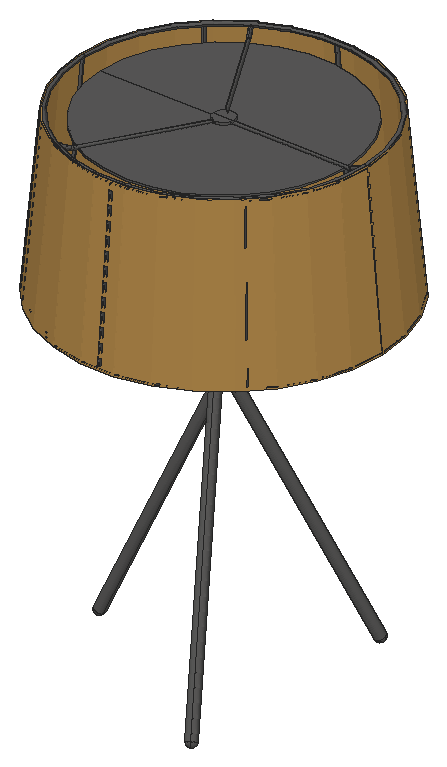
Revit family "Indoor_Table Lamp_Santa&Cole_Trípode", category Luminarias, Revit 2018
Family settings
  Cota de conector redondo = Diámetro de uso
  Tipo de pieza = Normal
  Número OmniClass = 23.80.70.00
  Título OmniClass = Lighting
  Se basa en plano de trabajo = No
  Siempre vertical = Sí
  Corte con vacíos al cargar = No
  Origen de luz = Sí
  Compartido = No
  Punto de cálculo de habitación = No
Parameters (values of type "Trípode M3 - Mustard Raw Color Ribbon")
  Visibility_Trípode M3 = yes
  Visibility_Trípode G6 = no
  Wattage = 6 W
  Technical Information = "https://www.santacole.com/recursos/productos/downloads/pdf_espec_tecnicas/SC_Tripode%20M3-G6_data%20sheet.pdf"
  Tamaño de símbolo de origen de luz = 50 mm  # constant formula
  built-in parameter 1150110 = 1 (stored number, unit not read)
  URL = "https://www.santacole.com/en/catalogue/table-lamps/tripode-g6"
  Manufacturer website = "http://www.santacole.com"
  Light source elevation = 445 mm
  Lampshade Material = Santa & Cole - Mustard Raw Color Ribbon
  built-in parameter 1114217 = 2 (stored number, unit not read)
  built-in parameter 1150109 = 1 (stored number, unit not read)
  Energy Label = "https://www.santacole.com/recursos/productos/downloads/pdf_energy_label/Energy%20Label_TRIPODE_without_bulb.pdf"
  Designed by = "Santa & Cole Team. 2002"
  Contact phone = "+34.938.619.100"
  Contact e-mail = "info@santacole.com"
  built-in parameter 1150134 = (empty or 0)
  built-in parameter 1150113 = 1 (stored number, unit not read)
  Modelo = "Trípode"
  Fabricante = "Santa & Cole"
  Lumens = 891.252 lm
  built-in parameter 1150115 = 1 (stored number, unit not read)
  built-in parameter 1150105 = 70.924 (stored number, unit not read)
  Load = 6 W
  built-in parameter 1150137 = (empty or 0)
  built-in parameter 1150139 = (empty or 0)
  built-in parameter 1150112 = 1 (stored number, unit not read)
  built-in parameter 1150114 = 1 (stored number, unit not read)
  Lamp = ""
  built-in parameter 1150132 = (empty or 0)
  built-in parameter 1150102 = (empty or 0)
  built-in parameter 1150138 = (empty or 0)
  built-in parameter 1150107 = 2700 (stored number, unit not read)
  built-in parameter 1150106 = 0.70924 (stored number, unit not read)
  built-in parameter 1150104 = 13.8 (stored number, unit not read)
  Code = "TM311+TM3Mx"
  Dimming Lamp Color Temperature Shift = (empty or 0)
  Color Filter = 16777215
  built-in parameter 1114218 = 1 (stored number, unit not read)
  Assembly instructions - UL = "https://www.santacole.com/recursos/productos/downloads/pdf_montaje/Tripode_m3_im_UL.pdf"
  Assembly instructions - CE = "https://www.santacole.com/recursos/productos/downloads/pdf_montaje/Tripode_m3_im.pdf"
  built-in parameter 1150133 = 10 (stored number, unit not read)
  Apparent Load = 6 VA
Types (12, lengths in mm): name | Visibility_Trípode M3 | Visibility_Trípode G6 | Wattage | Light source elevation | Lampshade Material | Lumens | built-in parameter 1150105 | Load | built-in parameter 1150106 | Code | Apparent Load
  Trípode G6 - Natural Ribbon | no | yes | 10 W | 665 | Santa & Cole - Natural Ribbon | 1485.42 lm | 118.21 (stored number, unit not read) | 10 W | 1.1821 (stored number, unit not read) | "TG611+TG6Mx" | 10 VA
  Trípode G6 - Red-amber Ribbon | no | yes | 10 W | 665 | Santa & Cole - Red-amber Ribbon | 1485.42 lm | 118.21 (stored number, unit not read) | 10 W | 1.1821 (stored number, unit not read) | "TG611+TG6Mx" | 10 VA
  Trípode G6 - Black Ribbon | no | yes | 10 W | 665 | Santa & Cole - Black Ribbon | 1485.4 lm | 118.2 (stored number, unit not read) | 10 W | 1.182 (stored number, unit not read) | "TG611+TG6Mx" | 10 VA
  Trípode G6 - Terracota Raw Color Ribbon | no | yes | 10 W | 665 | Santa & Cole - Terracota Raw Color Ribbon | 1485.42 lm | 118.21 (stored number, unit not read) | 10 W | 1.1821 (stored number, unit not read) | "TG611+TG6Mx" | 10 VA
  Trípode G6 - Mustard Raw Color Ribbon | no | yes | 10 W | 665 | Santa & Cole - Mustard Raw Color Ribbon | 1485.42 lm | 118.21 (stored number, unit not read) | 10 W | 1.1821 (stored number, unit not read) | "TG611+TG6Mx" | 10 VA
  Trípode G6 - Green Raw Color Ribbon | no | yes | 10 W | 665 | Santa & Cole - Green Raw Color Ribbon | 1485.42 lm | 118.21 (stored number, unit not read) | 10 W | 1.1821 (stored number, unit not read) | "TG611+TG6Mx" | 10 VA
  Trípode M3 - Black Ribbon | yes | no | 6 W | 445 | Santa & Cole - Black Ribbon | 891.252 lm | 70.924 (stored number, unit not read) | 6 W | 0.70924 (stored number, unit not read) | "TM311+TM3Mx" | 6 VA
  Trípode M3 - Natural Ribbon | yes | no | 6 W | 445 | Santa & Cole - Natural Ribbon | 891.252 lm | 70.924 (stored number, unit not read) | 6 W | 0.70924 (stored number, unit not read) | "TM311+TM3Mx" | 6 VA
  Trípode M3 - Red-amber Ribbon | yes | no | 6 W | 445 | Santa & Cole - Red-amber Ribbon | 891.252 lm | 70.924 (stored number, unit not read) | 6 W | 0.70924 (stored number, unit not read) | "TM311+TM3Mx" | 6 VA
  Trípode M3 - Terracota Raw Color Ribbon | yes | no | 6 W | 445 | Santa & Cole - Terracota Raw Color Ribbon | 891.252 lm | 70.924 (stored number, unit not read) | 6 W | 0.70924 (stored number, unit not read) | "TM311+TM3Mx" | 6 VA
  Trípode M3 - Mustard Raw Color Ribbon | yes | no | 6 W | 445 | Santa & Cole - Mustard Raw Color Ribbon | 891.252 lm | 70.924 (stored number, unit not read) | 6 W | 0.70924 (stored number, unit not read) | "TM311+TM3Mx" | 6 VA
  Trípode M3 - Green Raw Color Ribbon | yes | no | 6 W | 445 | Santa & Cole - Green Raw Color Ribbon | 891.252 lm | 70.924 (stored number, unit not read) | 6 W | 0.70924 (stored number, unit not read) | "TM311+TM3Mx" | 6 VA
Reference planes
  plane 1 "Light Source Axis (F/B)": y = 0
  plane 2 "Base": z = 0
  plane 3 "Light Source Axis (L/R)": x = 0
  plane 4 "Light Source Elevation": z = 445
  plane 5 "Patas": y = 5.678
Forms (mm)
  Revolve 1, solid, material "Santa & Cole - Black Metallic Finish", visible <- "Visibility_Trípode M3"
    sketch origin (0, 5.678, 0) x (1, 0, 0) y (0, 0, 1)
      loop
        line (33.039, 344.035) -> (-130.729, 6.684)
        arc (-130.729, 6.684) -> (-130.955, 2.864) -> (-128.415, 0.003) r 5
        line (-128.415, 0.003) -> (37.536, 341.851) -> (33.039, 344.035)
      axis (-128.415, 0.003) -> (37.536, 341.851)
    angle from 0 to 360
  Revolve 2, solid, visible <- "Visibility_Trípode M3"
    sketch origin (0, 0, 0) x (1, 0, 0) y (0, 0, 1)
      loop
        line (-8.669, 359.43) -> (-44.5, 359.43)
        arc (-44.5, 359.43) -> (-45.207, 359.137) -> (-45.5, 358.43) r 1
        line (-45.5, 358.43) -> (-45.5, 341.43) -> (-48, 341.43) -> (-48, 339.43) -> (0, 339.43) -> (0, 412.43) -> (-13.4, 412.43) -> (-13.4, 387.93) -> (-18, 387.93) -> (-18, 386.63) -> (-20, 386.63) -> (-20, 385.63) -> (-13.3, 385.63) -> (-13.3, 372.43) -> (-10.9, 371.43)
        arc (-10.9, 371.43) -> (-10.361, 365.323) -> (-8.669, 359.43) r 32.041
      axis (0, 339.43) -> (0, 412.43)
    angle from 0 to 360
  Sweep 3, solid, material "Santa & Cole - Black Metallic Finish", visible <- "Visibility_Trípode M3"
    path origin (0, 0, 0) x (1, 0, 0) y (0, 0, 1)
      loop
        line (151.411, 329.665) -> (35.617, 385.787)
        arc (35.617, 385.787) -> (33.779, 386.434) -> (31.844, 386.653) r 8.65
        line (31.844, 386.653) -> (16.844, 386.653)
    profile origin (93.514, 0, 357.726) x (-0.436142, 0, -0.899878) y (0, -1, 0)
      loop
        circle (-1.35, 0) r 1.35
  Revolve 4, solid, material "Santa & Cole - Black Metallic Finish", visible <- "Visibility_Trípode M3"
    sketch origin (0, 0, 0) x (1, 0, 0) y (0, 0, 1)
      loop
        line (-10, 482.93) -> (-10, 480.93) -> (-120, 480.93) -> (-120, 479.43) -> (-9, 479.43) -> (-9, 477.93) -> (-3.8, 477.93) -> (-3.8, 476.73) -> (-1.65, 476.73) -> (-1.65, 470.73) -> (0, 470.73) -> (0, 482.93) -> (-10, 482.93)
      axis (0, 470.73) -> (0, 482.93)
    angle from 0 to 360
  Sweep 5, solid, material "Santa & Cole - Black Metallic Finish", visible <- "Visibility_Trípode M3"
    path origin (0, 0, 0) x (1, 0, 0) y (0, 0, 1)
      loop
        line (5, 479.43) -> (123.959, 479.43)
        arc (123.959, 479.43) -> (125.253, 479.564) -> (126.494, 479.958) r 6.35
        line (126.494, 479.958) -> (137.691, 484.834)
    profile origin (64.479, 0, 479.43) x (0, 0, 1) y (0, -1, 0)
      loop
        circle (1.35, 0) r 1.35
  Revolve 6, solid, material "Santa & Cole - Black Metallic Finish", visible <- "Visibility_Trípode M3"
    sketch origin (0, 0, 0) x (1, 0, 0) y (0, 0, 1)
      loop
        line (137.007, 485.488) -> (151.721, 331.474) -> (153.215, 331.617) -> (138.5, 485.63) -> (137.007, 485.488)
      axis (138.5, 485.63) -> (153.215, 331.617)
    angle from 0 to 360
  Sweep 7, solid, material "Santa & Cole - Black Metallic Finish", visible <- "Visibility_Trípode M3"
    path origin (0, 0, 0) x (-0.5, 0.866025, 0) y (0, 0, 1)
      loop
        line (151.411, 329.665) -> (35.617, 385.787)
        arc (35.617, 385.787) -> (33.779, 386.434) -> (31.844, 386.653) r 8.65
        line (31.844, 386.653) -> (16.844, 386.653)
    profile origin (-46.757, 80.985, 357.726) x (0.218071, -0.37771, -0.899878) y (0.866025, 0.5, 0)
      loop
        circle (-1.35, 0) r 1.35
  Sweep 8, solid, material "Santa & Cole - Black Metallic Finish", visible <- "Visibility_Trípode M3"
    path origin (0, 0, 0) x (-0.5, -0.866025, 0) y (0, 0, 1)
      loop
        line (151.411, 329.665) -> (35.617, 385.787)
        arc (35.617, 385.787) -> (33.779, 386.434) -> (31.844, 386.653) r 8.65
        line (31.844, 386.653) -> (16.844, 386.653)
    profile origin (-46.757, -80.985, 357.726) x (0.218071, 0.37771, -0.899878) y (-0.866025, 0.5, 0)
      loop
        circle (-1.35, 0) r 1.35
  Sweep 9, solid, material "Santa & Cole - Black Metallic Finish", visible <- "Visibility_Trípode M3"
    path origin (0, 0, 0) x (-0.5, 0.866025, 0) y (0, 0, 1)
      loop
        line (5, 479.43) -> (123.959, 479.43)
        arc (123.959, 479.43) -> (125.253, 479.564) -> (126.494, 479.958) r 6.35
        line (126.494, 479.958) -> (137.691, 484.834)
    profile origin (-32.24, 55.841, 479.43) x (0, 0, 1) y (0.866025, 0.5, 0)
      loop
        circle (1.35, 0) r 1.35
  Sweep 10, solid, material "Santa & Cole - Black Metallic Finish", visible <- "Visibility_Trípode M3"
    path origin (0, 0, 0) x (-0.5, -0.866025, 0) y (0, 0, 1)
      loop
        line (5, 479.43) -> (123.959, 479.43)
        arc (123.959, 479.43) -> (125.253, 479.564) -> (126.494, 479.958) r 6.35
        line (126.494, 479.958) -> (137.691, 484.834)
    profile origin (-32.24, -55.841, 479.43) x (0, 0, 1) y (-0.866025, 0.5, 0)
      loop
        circle (1.35, 0) r 1.35
  Revolve 11, solid, material "Santa & Cole - Black Metallic Finish", visible <- "Visibility_Trípode M3"
    sketch origin (0, 0, 0) x (0.707107, 0.707107, 0) y (0, 0, 1)
      loop
        line (137.007, 485.488) -> (151.721, 331.474) -> (153.215, 331.617) -> (138.5, 485.63) -> (137.007, 485.488)
      axis (138.5, 485.63) -> (153.215, 331.617)
    angle from 0 to 360
  Revolve 12, solid, material "Santa & Cole - Black Metallic Finish", visible <- "Visibility_Trípode M3"
    sketch origin (0, 0, 0) x (0, 1, 0) y (0, 0, 1)
      loop
        line (137.007, 485.488) -> (151.721, 331.474) -> (153.215, 331.617) -> (138.5, 485.63) -> (137.007, 485.488)
      axis (138.5, 485.63) -> (153.215, 331.617)
    angle from 0 to 360
  Revolve 13, solid, material "Santa & Cole - Black Metallic Finish", visible <- "Visibility_Trípode M3"
    sketch origin (0, 0, 0) x (-0.707107, 0.707107, 0) y (0, 0, 1)
      loop
        line (137.007, 485.488) -> (151.721, 331.474) -> (153.215, 331.617) -> (138.5, 485.63) -> (137.007, 485.488)
      axis (138.5, 485.63) -> (153.215, 331.617)
    angle from 0 to 360
  Revolve 14, solid, material "Santa & Cole - Black Metallic Finish", visible <- "Visibility_Trípode M3"
    sketch origin (0, 0, 0) x (-1, 0, 0) y (0, 0, 1)
      loop
        line (137.007, 485.488) -> (151.721, 331.474) -> (153.215, 331.617) -> (138.5, 485.63) -> (137.007, 485.488)
      axis (138.5, 485.63) -> (153.215, 331.617)
    angle from 0 to 360
  Revolve 15, solid, material "Santa & Cole - Black Metallic Finish", visible <- "Visibility_Trípode M3"
    sketch origin (0, 0, 0) x (-0.707107, -0.707107, 0) y (0, 0, 1)
      loop
        line (137.007, 485.488) -> (151.721, 331.474) -> (153.215, 331.617) -> (138.5, 485.63) -> (137.007, 485.488)
      axis (138.5, 485.63) -> (153.215, 331.617)
    angle from 0 to 360
  Revolve 16, solid, material "Santa & Cole - Black Metallic Finish", visible <- "Visibility_Trípode M3"
    sketch origin (0, 0, 0) x (0, -1, 0) y (0, 0, 1)
      loop
        line (137.007, 485.488) -> (151.721, 331.474) -> (153.215, 331.617) -> (138.5, 485.63) -> (137.007, 485.488)
      axis (138.5, 485.63) -> (153.215, 331.617)
    angle from 0 to 360
  Revolve 17, solid, material "Santa & Cole - Black Metallic Finish", visible <- "Visibility_Trípode M3"
    sketch origin (0, 0, 0) x (0.707107, -0.707107, 0) y (0, 0, 1)
      loop
        line (137.007, 485.488) -> (151.721, 331.474) -> (153.215, 331.617) -> (138.5, 485.63) -> (137.007, 485.488)
      axis (138.5, 485.63) -> (153.215, 331.617)
    angle from 0 to 360
  Revolve 18, solid, material "Santa & Cole - Black Metallic Finish", visible <- "Visibility_Trípode M3"
    sketch origin (0, 0, 0) x (1, 0, 0) y (0, 0, 1)
      loop
        circle (153.3, 330.33) r 1.7
      loop
        circle (138.3, 486.93) r 1.7
      axis (0, 486.93) -> (0, 330.33)
    angle from 0 to 360
  Revolve 19, solid, material "Santa & Cole - Black Metallic Finish", visible <- "Visibility_Trípode M3"
    sketch origin (-4.917, -2.839, 0) x (-0.5, 0.866025, 0) y (0, 0, 1)
      loop
        line (33.039, 344.035) -> (-130.729, 6.684)
        arc (-130.729, 6.684) -> (-130.955, 2.864) -> (-128.415, 0.003) r 5
        line (-128.415, 0.003) -> (37.536, 341.851) -> (33.039, 344.035)
      axis (-128.415, 0.003) -> (37.536, 341.851)
    angle from 0 to 360
  Revolve 20, solid, material "Santa & Cole - Black Metallic Finish", visible <- "Visibility_Trípode M3"
    sketch origin (4.917, -2.839, 0) x (-0.5, -0.866025, 0) y (0, 0, 1)
      loop
        line (33.039, 344.035) -> (-130.729, 6.684)
        arc (-130.729, 6.684) -> (-130.955, 2.864) -> (-128.415, 0.003) r 5
        line (-128.415, 0.003) -> (37.536, 341.851) -> (33.039, 344.035)
      axis (-128.415, 0.003) -> (37.536, 341.851)
    angle from 0 to 360
  Revolve 21, solid, material "Santa & Cole - Mustard Raw Color Ribbon" <- "Lampshade Material", visible <- "Visibility_Trípode M3"
    sketch origin (0, 0, 0) x (1, 0, 0) y (0, 0, 1)
      loop
        line (139.837, 488.63) -> (155.163, 328.63) -> (155.963, 328.63) -> (140.637, 488.63) -> (139.837, 488.63)
      axis (0, 488.63) -> (0, 328.63)
    angle from 0 to 360
  Revolve 22, solid, material "Santa & Cole - Black Metallic Finish", visible <- "Visibility_Trípode G6"
    sketch origin (0, 5.678, 0) x (1, 0, 0) y (0, 0, 1)
      loop
        line (54.744, 548.467) -> (48.204, 550.943) -> (-157.465, 7.564)
        arc (-157.465, 7.564) -> (-156.188, 3.262) -> (-152.67, 0.478) r 7.438
        line (-152.67, 0.478) -> (54.744, 548.467)
      axis (54.744, 548.467) -> (-152.67, 0.478)
    angle from 0 to 360
  Revolve 23, solid, visible <- "Visibility_Trípode G6"
    sketch origin (0, 0, 205.085) x (1, 0, 0) y (0, 0, 1)
      loop
        line (-6.414, 362.43) -> (-65.982, 362.43)
        arc (-65.982, 362.43) -> (-67.042, 361.991) -> (-67.482, 360.93) r 1.5
        line (-67.482, 360.93) -> (-67.482, 342.43) -> (-69.482, 342.43) -> (-69.482, 339.43) -> (0, 339.43) -> (0, 423.43) -> (-18.482, 423.43) -> (-18.482, 397.23) -> (-23.848, 397.23) -> (-24.755, 395.43) -> (-29.482, 395.43) -> (-29.482, 394.43) -> (-24.139, 394.43) -> (-23.232, 396.23) -> (-18.632, 396.23) -> (-18.632, 381.13) -> (-16.832, 379.93)
        arc (-16.832, 379.93) -> (-14.982, 371.884) -> (-9.832, 365.43) r 18.606
        line (-9.832, 365.43) -> (-6.414, 365.43) -> (-6.414, 362.43)
      axis (0, 339.43) -> (0, 423.43)
    angle from 0 to 360
  Sweep 24, solid, visible <- "Visibility_Trípode G6"
    path origin (0, 0, 0) x (1, 0, 0) y (0, 0, 1)
      loop
        line (221.478, 526.327) -> (45.774, 599.876)
        arc (45.774, 599.876) -> (44.213, 600.354) -> (42.588, 600.516) r 8.25
        line (42.588, 600.516) -> (27.588, 600.516)
    profile origin (35.088, 0, 600.516) x (0, 0, -1) y (0, -1, 0)
      loop
        circle (-1.749, 0) r 1.75
  Revolve 25, solid, visible <- "Visibility_Trípode G6"
    sketch origin (0, 0, 0) x (1, 0, 0) y (0, 0, 1)
      loop
        circle (223.768, 527.265) r 1.75
      loop
        circle (198.768, 753.765) r 1.75
      axis (0, 753.765) -> (0, 527.265)
    angle from 0 to 360
  Revolve 26, solid, material "Santa & Cole - Black Metallic Finish", visible <- "Visibility_Trípode G6"
    sketch origin (0, 0, 0) x (1, 0, 0) y (0, 0, 1)
      loop
        line (-139.482, 746.515) -> (-139.482, 745.515) -> (-9.481, 745.515) -> (-9.481, 744.015) -> (-1.478, 744.015) -> (-1.478, 735.015) -> (0, 735.015) -> (0, 748.515) -> (-11.481, 748.515) -> (-11.481, 746.515) -> (-139.482, 746.515)
      axis (0, 748.515) -> (0, 735.015)
    angle from 0 to 360
  Revolve 27, solid, visible <- "Visibility_Trípode G6"
    sketch origin (0, 0, 0) x (1, 0, 0) y (0, 0, 1)
      loop
        line (197.226, 751.834) -> (221.837, 528.813) -> (223.576, 529.005) -> (198.966, 752.026) -> (197.226, 751.834)
      axis (198.966, 752.026) -> (223.576, 529.005)
    angle from 0 to 360
  Sweep 28, solid, material "Santa & Cole - Black Metallic Finish", visible <- "Visibility_Trípode G6"
    path origin (0, 0, 0) x (1, 0, 0) y (0, 0, 1)
      loop
        line (5.518, 740.52) -> (143.018, 740.52)
        arc (143.018, 740.52) -> (144.233, 740.583) -> (145.434, 740.771) r 11.773
        line (145.434, 740.771) -> (197.417, 751.685)
    profile origin (171.425, 0, 746.228) x (-0.205465, 0, 0.978664) y (0, -1, 0)
      loop
        circle (1.75, 0) r 1.75
  Sweep 29, solid, material "Santa & Cole - Black Metallic Finish", visible <- "Visibility_Trípode G6"
    path origin (0, 0, 0) x (-0.5, 0.866025, 0) y (0, 0, 1)
      loop
        line (5.518, 740.52) -> (143.018, 740.52)
        arc (143.018, 740.52) -> (144.233, 740.583) -> (145.434, 740.771) r 11.773
        line (145.434, 740.771) -> (197.417, 751.685)
    profile origin (-85.713, 148.459, 746.228) x (0.102733, -0.177938, 0.978664) y (0.866025, 0.5, 0)
      loop
        circle (1.75, 0) r 1.75
  Sweep 30, solid, material "Santa & Cole - Black Metallic Finish", visible <- "Visibility_Trípode G6"
    path origin (0, 0, 0) x (-0.5, -0.866025, 0) y (0, 0, 1)
      loop
        line (5.518, 740.52) -> (143.018, 740.52)
        arc (143.018, 740.52) -> (144.233, 740.583) -> (145.434, 740.771) r 11.773
        line (145.434, 740.771) -> (197.417, 751.685)
    profile origin (-85.713, -148.459, 746.228) x (0.102733, 0.177938, 0.978664) y (-0.866025, 0.5, 0)
      loop
        circle (1.75, 0) r 1.75
  Sweep 31, solid, visible <- "Visibility_Trípode G6"
    path origin (0, 0, 0) x (-0.5, 0.866025, 0) y (0, 0, 1)
      loop
        line (221.478, 526.327) -> (45.774, 599.876)
        arc (45.774, 599.876) -> (44.213, 600.354) -> (42.588, 600.516) r 8.25
        line (42.588, 600.516) -> (27.588, 600.516)
    profile origin (-17.544, 30.387, 600.516) x (0, 0, -1) y (0.866025, 0.5, 0)
      loop
        circle (-1.749, 0) r 1.75
  Sweep 32, solid, visible <- "Visibility_Trípode G6"
    path origin (0, 0, 0) x (-0.5, -0.866025, 0) y (0, 0, 1)
      loop
        line (221.478, 526.327) -> (45.774, 599.876)
        arc (45.774, 599.876) -> (44.213, 600.354) -> (42.588, 600.516) r 8.25
        line (42.588, 600.516) -> (27.588, 600.516)
    profile origin (-17.544, -30.387, 600.516) x (0, 0, -1) y (-0.866025, 0.5, 0)
      loop
        circle (-1.749, 0) r 1.75
  Revolve 33, solid, visible <- "Visibility_Trípode G6"
    sketch origin (0, 0, 0) x (0.707107, 0.707107, 0) y (0, 0, 1)
      loop
        line (197.226, 751.834) -> (221.837, 528.813) -> (223.576, 529.005) -> (198.966, 752.026) -> (197.226, 751.834)
      axis (198.966, 752.026) -> (223.576, 529.005)
    angle from 0 to 360
  Revolve 34, solid, visible <- "Visibility_Trípode G6"
    sketch origin (0, 0, 0) x (0, 1, 0) y (0, 0, 1)
      loop
        line (197.226, 751.834) -> (221.837, 528.813) -> (223.576, 529.005) -> (198.966, 752.026) -> (197.226, 751.834)
      axis (198.966, 752.026) -> (223.576, 529.005)
    angle from 0 to 360
  Revolve 35, solid, visible <- "Visibility_Trípode G6"
    sketch origin (0, 0, 0) x (-0.707107, 0.707107, 0) y (0, 0, 1)
      loop
        line (197.226, 751.834) -> (221.837, 528.813) -> (223.576, 529.005) -> (198.966, 752.026) -> (197.226, 751.834)
      axis (198.966, 752.026) -> (223.576, 529.005)
    angle from 0 to 360
  Revolve 36, solid, visible <- "Visibility_Trípode G6"
    sketch origin (0, 0, 0) x (-1, 0, 0) y (0, 0, 1)
      loop
        line (197.226, 751.834) -> (221.837, 528.813) -> (223.576, 529.005) -> (198.966, 752.026) -> (197.226, 751.834)
      axis (198.966, 752.026) -> (223.576, 529.005)
    angle from 0 to 360
  Revolve 37, solid, visible <- "Visibility_Trípode G6"
    sketch origin (0, 0, 0) x (-0.707107, -0.707107, 0) y (0, 0, 1)
      loop
        line (197.226, 751.834) -> (221.837, 528.813) -> (223.576, 529.005) -> (198.966, 752.026) -> (197.226, 751.834)
      axis (198.966, 752.026) -> (223.576, 529.005)
    angle from 0 to 360
  Revolve 38, solid, visible <- "Visibility_Trípode G6"
    sketch origin (0, 0, 0) x (0, -1, 0) y (0, 0, 1)
      loop
        line (197.226, 751.834) -> (221.837, 528.813) -> (223.576, 529.005) -> (198.966, 752.026) -> (197.226, 751.834)
      axis (198.966, 752.026) -> (223.576, 529.005)
    angle from 0 to 360
  Revolve 39, solid, visible <- "Visibility_Trípode G6"
    sketch origin (0, 0, 0) x (0.707107, -0.707107, 0) y (0, 0, 1)
      loop
        line (197.226, 751.834) -> (221.837, 528.813) -> (223.576, 529.005) -> (198.966, 752.026) -> (197.226, 751.834)
      axis (198.966, 752.026) -> (223.576, 529.005)
    angle from 0 to 360
  Revolve 40, solid, material "Santa & Cole - Black Metallic Finish", visible <- "Visibility_Trípode G6"
    sketch origin (-4.917, -2.839, 0) x (-0.5, 0.866025, 0) y (0, 0, 1)
      loop
        line (54.744, 548.467) -> (48.204, 550.943) -> (-157.465, 7.564)
        arc (-157.465, 7.564) -> (-156.188, 3.262) -> (-152.67, 0.478) r 7.438
        line (-152.67, 0.478) -> (54.744, 548.467)
      axis (54.744, 548.467) -> (-152.67, 0.478)
    angle from 0 to 360
  Revolve 41, solid, material "Santa & Cole - Black Metallic Finish", visible <- "Visibility_Trípode G6"
    sketch origin (4.917, -2.839, 0) x (-0.5, -0.866025, 0) y (0, 0, 1)
      loop
        line (54.744, 548.467) -> (48.204, 550.943) -> (-157.465, 7.564)
        arc (-157.465, 7.564) -> (-156.188, 3.262) -> (-152.67, 0.478) r 7.438
        line (-152.67, 0.478) -> (54.744, 548.467)
      axis (54.744, 548.467) -> (-152.67, 0.478)
    angle from 0 to 360
  Revolve 42, solid, material "Santa & Cole - Mustard Raw Color Ribbon" <- "Lampshade Material", visible <- "Visibility_Trípode G6"
    sketch origin (0, 0, 0) x (1, 0, 0) y (0, 0, 1)
      loop
        line (200.325, 755.515) -> (225.711, 525.515) -> (226.511, 525.515) -> (201.125, 755.515) -> (200.325, 755.515)
      axis (0, 755.515) -> (0, 525.515)
    angle from 0 to 360
  Revolve 43, solid, material "Santa & Cole - Black Metallic Finish", visible <- "Visibility_Trípode G6", not visible
    sketch origin (0, 5.678, 0) x (1, 0, 0) y (0, 0, 1)
      loop
        line (54.744, 548.467) -> (48.204, 550.943) -> (-157.465, 7.564)
        arc (-157.465, 7.564) -> (-156.188, 3.262) -> (-152.67, 0.478) r 7.438
        line (-152.67, 0.478) -> (54.744, 548.467)
      axis (54.744, 548.467) -> (-152.67, 0.478)
    angle from 0 to 360
  Revolve 44, solid, visible <- "Visibility_Trípode G6", not visible
    sketch origin (0, 0, 0) x (1, 0, 0) y (0, 0, 1)
      loop
        line (197.226, 751.834) -> (221.837, 528.813) -> (223.576, 529.005) -> (198.966, 752.026) -> (197.226, 751.834)
      axis (198.966, 752.026) -> (223.576, 529.005)
    angle from 0 to 360
  Sweep 45, solid, visible <- "Visibility_Trípode G6", not visible
    path origin (0, 0, 0) x (1, 0, 0) y (0, 0, 1)
      loop
        line (221.478, 526.327) -> (45.774, 599.876)
        arc (45.774, 599.876) -> (44.213, 600.354) -> (42.588, 600.516) r 8.25
        line (42.588, 600.516) -> (27.588, 600.516)
    profile origin (35.088, 0, 600.516) x (0, 0, -1) y (0, -1, 0)
      loop
        circle (-1.749, 0) r 1.75
  Sweep 46, solid, material "Santa & Cole - Black Metallic Finish", visible <- "Visibility_Trípode G6", not visible
    path origin (0, 0, 0) x (1, 0, 0) y (0, 0, 1)
      loop
        line (5.518, 740.52) -> (143.018, 740.52)
        arc (143.018, 740.52) -> (144.233, 740.583) -> (145.434, 740.771) r 11.773
        line (145.434, 740.771) -> (197.417, 751.685)
    profile origin (171.425, 0, 746.228) x (-0.205465, 0, 0.978664) y (0, -1, 0)
      loop
        circle (1.75, 0) r 1.75
  Revolve 47, solid, material "Santa & Cole - Black Metallic Finish", visible <- "Visibility_Trípode M3", not visible
    sketch origin (0, 5.678, 0) x (1, 0, 0) y (0, 0, 1)
      loop
        line (33.039, 344.035) -> (-130.729, 6.684)
        arc (-130.729, 6.684) -> (-130.955, 2.864) -> (-128.415, 0.003) r 5
        line (-128.415, 0.003) -> (37.536, 341.851) -> (33.039, 344.035)
      axis (-128.415, 0.003) -> (37.536, 341.851)
    angle from 0 to 360
  Revolve 48, solid, material "Santa & Cole - Black Metallic Finish", visible <- "Visibility_Trípode M3", not visible
    sketch origin (0, 0, 0) x (1, 0, 0) y (0, 0, 1)
      loop
        line (137.007, 485.488) -> (151.721, 331.474) -> (153.215, 331.617) -> (138.5, 485.63) -> (137.007, 485.488)
      axis (138.5, 485.63) -> (153.215, 331.617)
    angle from 0 to 360
  Sweep 49, solid, material "Santa & Cole - Black Metallic Finish", visible <- "Visibility_Trípode M3", not visible
    path origin (0, 0, 0) x (1, 0, 0) y (0, 0, 1)
      loop
        line (5, 479.43) -> (123.959, 479.43)
        arc (123.959, 479.43) -> (125.253, 479.564) -> (126.494, 479.958) r 6.35
        line (126.494, 479.958) -> (137.691, 484.834)
    profile origin (64.479, 0, 479.43) x (0, 0, 1) y (0, -1, 0)
      loop
        circle (1.35, 0) r 1.35
  Sweep 50, solid, material "Santa & Cole - Black Metallic Finish", visible <- "Visibility_Trípode M3", not visible
    path origin (0, 0, 0) x (1, 0, 0) y (0, 0, 1)
      loop
        line (151.411, 329.665) -> (35.617, 385.787)
        arc (35.617, 385.787) -> (33.779, 386.434) -> (31.844, 386.653) r 8.65
        line (31.844, 386.653) -> (16.844, 386.653)
    profile origin (93.514, 0, 357.726) x (-0.436142, 0, -0.899878) y (0, -1, 0)
      loop
        circle (-1.35, 0) r 1.35
  Revolve 51, solid, material "Santa & Cole - Black Metallic Finish", visible <- "Visibility_Trípode M3", not visible
    sketch origin (0, 5.678, 0) x (1, 0, 0) y (0, 0, 1)
      loop
        line (33.039, 344.035) -> (-130.729, 6.684)
        arc (-130.729, 6.684) -> (-130.955, 2.864) -> (-128.415, 0.003) r 5
        line (-128.415, 0.003) -> (37.536, 341.851) -> (33.039, 344.035)
      axis (-128.415, 0.003) -> (37.536, 341.851)
    angle from 0 to 360
  Revolve 52, solid, visible <- "Visibility_Trípode M3", not visible
    sketch origin (0, 0, 0) x (1, 0, 0) y (0, 0, 1)
      loop
        line (-8.669, 359.43) -> (-44.5, 359.43)
        arc (-44.5, 359.43) -> (-45.207, 359.137) -> (-45.5, 358.43) r 1
        line (-45.5, 358.43) -> (-45.5, 341.43) -> (-48, 341.43) -> (-48, 339.43) -> (0, 339.43) -> (0, 412.43) -> (-13.4, 412.43) -> (-13.4, 387.93) -> (-18, 387.93) -> (-18, 386.63) -> (-20, 386.63) -> (-20, 385.63) -> (-13.3, 385.63) -> (-13.3, 372.43) -> (-10.9, 371.43)
        arc (-10.9, 371.43) -> (-10.361, 365.323) -> (-8.669, 359.43) r 32.041
      axis (0, 339.43) -> (0, 412.43)
    angle from 0 to 360
  Sweep 53, solid, material "Santa & Cole - Black Metallic Finish", visible <- "Visibility_Trípode M3", not visible
    path origin (0, 0, 0) x (1, 0, 0) y (0, 0, 1)
      loop
        line (151.411, 329.665) -> (35.617, 385.787)
        arc (35.617, 385.787) -> (33.779, 386.434) -> (31.844, 386.653) r 8.65
        line (31.844, 386.653) -> (16.844, 386.653)
    profile origin (93.514, 0, 357.726) x (-0.436142, 0, -0.899878) y (0, -1, 0)
      loop
        circle (-1.35, 0) r 1.35
  Revolve 54, solid, material "Santa & Cole - Black Metallic Finish", visible <- "Visibility_Trípode M3", not visible
    sketch origin (0, 0, 0) x (1, 0, 0) y (0, 0, 1)
      loop
        line (-10, 482.93) -> (-10, 480.93) -> (-120, 480.93) -> (-120, 479.43) -> (-9, 479.43) -> (-9, 477.93) -> (-3.8, 477.93) -> (-3.8, 476.73) -> (-1.65, 476.73) -> (-1.65, 470.73) -> (0, 470.73) -> (0, 482.93) -> (-10, 482.93)
      axis (0, 470.73) -> (0, 482.93)
    angle from 0 to 360
  Sweep 55, solid, material "Santa & Cole - Black Metallic Finish", visible <- "Visibility_Trípode M3", not visible
    path origin (0, 0, 0) x (1, 0, 0) y (0, 0, 1)
      loop
        line (5, 479.43) -> (123.959, 479.43)
        arc (123.959, 479.43) -> (125.253, 479.564) -> (126.494, 479.958) r 6.35
        line (126.494, 479.958) -> (137.691, 484.834)
    profile origin (64.479, 0, 479.43) x (0, 0, 1) y (0, -1, 0)
      loop
        circle (1.35, 0) r 1.35
  Revolve 56, solid, material "Santa & Cole - Black Metallic Finish", visible <- "Visibility_Trípode M3", not visible
    sketch origin (0, 0, 0) x (1, 0, 0) y (0, 0, 1)
      loop
        line (137.007, 485.488) -> (151.721, 331.474) -> (153.215, 331.617) -> (138.5, 485.63) -> (137.007, 485.488)
      axis (138.5, 485.63) -> (153.215, 331.617)
    angle from 0 to 360
  Sweep 57, solid, material "Santa & Cole - Black Metallic Finish", visible <- "Visibility_Trípode M3", not visible
    path origin (0, 0, 0) x (-0.5, 0.866025, 0) y (0, 0, 1)
      loop
        line (151.411, 329.665) -> (35.617, 385.787)
        arc (35.617, 385.787) -> (33.779, 386.434) -> (31.844, 386.653) r 8.65
        line (31.844, 386.653) -> (16.844, 386.653)
    profile origin (-46.757, 80.985, 357.726) x (0.218071, -0.37771, -0.899878) y (0.866025, 0.5, 0)
      loop
        circle (-1.35, 0) r 1.35
  Sweep 58, solid, material "Santa & Cole - Black Metallic Finish", visible <- "Visibility_Trípode M3", not visible
    path origin (0, 0, 0) x (-0.5, -0.866025, 0) y (0, 0, 1)
      loop
        line (151.411, 329.665) -> (35.617, 385.787)
        arc (35.617, 385.787) -> (33.779, 386.434) -> (31.844, 386.653) r 8.65
        line (31.844, 386.653) -> (16.844, 386.653)
    profile origin (-46.757, -80.985, 357.726) x (0.218071, 0.37771, -0.899878) y (-0.866025, 0.5, 0)
      loop
        circle (-1.35, 0) r 1.35
  Sweep 59, solid, material "Santa & Cole - Black Metallic Finish", visible <- "Visibility_Trípode M3", not visible
    path origin (0, 0, 0) x (-0.5, 0.866025, 0) y (0, 0, 1)
      loop
        line (5, 479.43) -> (123.959, 479.43)
        arc (123.959, 479.43) -> (125.253, 479.564) -> (126.494, 479.958) r 6.35
        line (126.494, 479.958) -> (137.691, 484.834)
    profile origin (-32.24, 55.841, 479.43) x (0, 0, 1) y (0.866025, 0.5, 0)
      loop
        circle (1.35, 0) r 1.35
  Sweep 60, solid, material "Santa & Cole - Black Metallic Finish", visible <- "Visibility_Trípode M3", not visible
    path origin (0, 0, 0) x (-0.5, -0.866025, 0) y (0, 0, 1)
      loop
        line (5, 479.43) -> (123.959, 479.43)
        arc (123.959, 479.43) -> (125.253, 479.564) -> (126.494, 479.958) r 6.35
        line (126.494, 479.958) -> (137.691, 484.834)
    profile origin (-32.24, -55.841, 479.43) x (0, 0, 1) y (-0.866025, 0.5, 0)
      loop
        circle (1.35, 0) r 1.35
  Revolve 61, solid, material "Santa & Cole - Black Metallic Finish", visible <- "Visibility_Trípode M3", not visible
    sketch origin (0, 0, 0) x (0.707107, 0.707107, 0) y (0, 0, 1)
      loop
        line (137.007, 485.488) -> (151.721, 331.474) -> (153.215, 331.617) -> (138.5, 485.63) -> (137.007, 485.488)
      axis (138.5, 485.63) -> (153.215, 331.617)
    angle from 0 to 360
  Revolve 62, solid, material "Santa & Cole - Black Metallic Finish", visible <- "Visibility_Trípode M3", not visible
    sketch origin (0, 0, 0) x (0, 1, 0) y (0, 0, 1)
      loop
        line (137.007, 485.488) -> (151.721, 331.474) -> (153.215, 331.617) -> (138.5, 485.63) -> (137.007, 485.488)
      axis (138.5, 485.63) -> (153.215, 331.617)
    angle from 0 to 360
  Revolve 63, solid, material "Santa & Cole - Black Metallic Finish", visible <- "Visibility_Trípode M3", not visible
    sketch origin (0, 0, 0) x (-0.707107, 0.707107, 0) y (0, 0, 1)
      loop
        line (137.007, 485.488) -> (151.721, 331.474) -> (153.215, 331.617) -> (138.5, 485.63) -> (137.007, 485.488)
      axis (138.5, 485.63) -> (153.215, 331.617)
    angle from 0 to 360
  Revolve 64, solid, material "Santa & Cole - Black Metallic Finish", visible <- "Visibility_Trípode M3", not visible
    sketch origin (0, 0, 0) x (-1, 0, 0) y (0, 0, 1)
      loop
        line (137.007, 485.488) -> (151.721, 331.474) -> (153.215, 331.617) -> (138.5, 485.63) -> (137.007, 485.488)
      axis (138.5, 485.63) -> (153.215, 331.617)
    angle from 0 to 360
  Revolve 65, solid, material "Santa & Cole - Black Metallic Finish", visible <- "Visibility_Trípode M3", not visible
    sketch origin (0, 0, 0) x (-0.707107, -0.707107, 0) y (0, 0, 1)
      loop
        line (137.007, 485.488) -> (151.721, 331.474) -> (153.215, 331.617) -> (138.5, 485.63) -> (137.007, 485.488)
      axis (138.5, 485.63) -> (153.215, 331.617)
    angle from 0 to 360
  Revolve 66, solid, material "Santa & Cole - Black Metallic Finish", visible <- "Visibility_Trípode M3", not visible
    sketch origin (0, 0, 0) x (0, -1, 0) y (0, 0, 1)
      loop
        line (137.007, 485.488) -> (151.721, 331.474) -> (153.215, 331.617) -> (138.5, 485.63) -> (137.007, 485.488)
      axis (138.5, 485.63) -> (153.215, 331.617)
    angle from 0 to 360
  Revolve 67, solid, material "Santa & Cole - Black Metallic Finish", visible <- "Visibility_Trípode M3", not visible
    sketch origin (0, 0, 0) x (0.707107, -0.707107, 0) y (0, 0, 1)
      loop
        line (137.007, 485.488) -> (151.721, 331.474) -> (153.215, 331.617) -> (138.5, 485.63) -> (137.007, 485.488)
      axis (138.5, 485.63) -> (153.215, 331.617)
    angle from 0 to 360
  Revolve 68, solid, material "Santa & Cole - Black Metallic Finish", visible <- "Visibility_Trípode M3", not visible
    sketch origin (0, 0, 0) x (1, 0, 0) y (0, 0, 1)
      loop
        circle (153.3, 330.33) r 1.7
      loop
        circle (138.3, 486.93) r 1.7
      axis (0, 486.93) -> (0, 330.33)
    angle from 0 to 360
  Revolve 69, solid, material "Santa & Cole - Black Metallic Finish", visible <- "Visibility_Trípode M3", not visible
    sketch origin (-4.917, -2.839, 0) x (-0.5, 0.866025, 0) y (0, 0, 1)
      loop
        line (33.039, 344.035) -> (-130.729, 6.684)
        arc (-130.729, 6.684) -> (-130.955, 2.864) -> (-128.415, 0.003) r 5
        line (-128.415, 0.003) -> (37.536, 341.851) -> (33.039, 344.035)
      axis (-128.415, 0.003) -> (37.536, 341.851)
    angle from 0 to 360
  Revolve 70, solid, material "Santa & Cole - Black Metallic Finish", visible <- "Visibility_Trípode M3", not visible
    sketch origin (4.917, -2.839, 0) x (-0.5, -0.866025, 0) y (0, 0, 1)
      loop
        line (33.039, 344.035) -> (-130.729, 6.684)
        arc (-130.729, 6.684) -> (-130.955, 2.864) -> (-128.415, 0.003) r 5
        line (-128.415, 0.003) -> (37.536, 341.851) -> (33.039, 344.035)
      axis (-128.415, 0.003) -> (37.536, 341.851)
    angle from 0 to 360
  Revolve 71, solid, material "Santa & Cole - Mustard Raw Color Ribbon" <- "Lampshade Material", visible <- "Visibility_Trípode M3", not visible
    sketch origin (0, 0, 0) x (1, 0, 0) y (0, 0, 1)
      loop
        line (139.837, 488.63) -> (155.163, 328.63) -> (155.963, 328.63) -> (140.637, 488.63) -> (139.837, 488.63)
      axis (0, 488.63) -> (0, 328.63)
    angle from 0 to 360
  Revolve 72, solid, material "Santa & Cole - Black Metallic Finish", visible <- "Visibility_Trípode G6", not visible
    sketch origin (0, 5.678, 0) x (1, 0, 0) y (0, 0, 1)
      loop
        line (54.744, 548.467) -> (48.204, 550.943) -> (-157.465, 7.564)
        arc (-157.465, 7.564) -> (-156.188, 3.262) -> (-152.67, 0.478) r 7.438
        line (-152.67, 0.478) -> (54.744, 548.467)
      axis (54.744, 548.467) -> (-152.67, 0.478)
    angle from 0 to 360
  Revolve 73, solid, visible <- "Visibility_Trípode G6", not visible
    sketch origin (0, 0, 205.085) x (1, 0, 0) y (0, 0, 1)
      loop
        line (-6.414, 362.43) -> (-65.982, 362.43)
        arc (-65.982, 362.43) -> (-67.042, 361.991) -> (-67.482, 360.93) r 1.5
        line (-67.482, 360.93) -> (-67.482, 342.43) -> (-69.482, 342.43) -> (-69.482, 339.43) -> (0, 339.43) -> (0, 423.43) -> (-18.482, 423.43) -> (-18.482, 397.23) -> (-23.848, 397.23) -> (-24.755, 395.43) -> (-29.482, 395.43) -> (-29.482, 394.43) -> (-24.139, 394.43) -> (-23.232, 396.23) -> (-18.632, 396.23) -> (-18.632, 381.13) -> (-16.832, 379.93)
        arc (-16.832, 379.93) -> (-14.982, 371.884) -> (-9.832, 365.43) r 18.606
        line (-9.832, 365.43) -> (-6.414, 365.43) -> (-6.414, 362.43)
      axis (0, 339.43) -> (0, 423.43)
    angle from 0 to 360
  Sweep 74, solid, visible <- "Visibility_Trípode G6", not visible
    path origin (0, 0, 0) x (1, 0, 0) y (0, 0, 1)
      loop
        line (221.478, 526.327) -> (45.774, 599.876)
        arc (45.774, 599.876) -> (44.213, 600.354) -> (42.588, 600.516) r 8.25
        line (42.588, 600.516) -> (27.588, 600.516)
    profile origin (35.088, 0, 600.516) x (0, 0, -1) y (0, -1, 0)
      loop
        circle (-1.749, 0) r 1.75
  Revolve 75, solid, visible <- "Visibility_Trípode G6", not visible
    sketch origin (0, 0, 0) x (1, 0, 0) y (0, 0, 1)
      loop
        circle (223.768, 527.265) r 1.75
      loop
        circle (198.768, 753.765) r 1.75
      axis (0, 753.765) -> (0, 527.265)
    angle from 0 to 360
  Revolve 76, solid, material "Santa & Cole - Black Metallic Finish", visible <- "Visibility_Trípode G6", not visible
    sketch origin (0, 0, 0) x (1, 0, 0) y (0, 0, 1)
      loop
        line (-139.482, 746.515) -> (-139.482, 745.515) -> (-9.481, 745.515) -> (-9.481, 744.015) -> (-1.478, 744.015) -> (-1.478, 735.015) -> (0, 735.015) -> (0, 748.515) -> (-11.481, 748.515) -> (-11.481, 746.515) -> (-139.482, 746.515)
      axis (0, 748.515) -> (0, 735.015)
    angle from 0 to 360
  Revolve 77, solid, visible <- "Visibility_Trípode G6", not visible
    sketch origin (0, 0, 0) x (1, 0, 0) y (0, 0, 1)
      loop
        line (197.226, 751.834) -> (221.837, 528.813) -> (223.576, 529.005) -> (198.966, 752.026) -> (197.226, 751.834)
      axis (198.966, 752.026) -> (223.576, 529.005)
    angle from 0 to 360
  Sweep 78, solid, material "Santa & Cole - Black Metallic Finish", visible <- "Visibility_Trípode G6", not visible
    path origin (0, 0, 0) x (1, 0, 0) y (0, 0, 1)
      loop
        line (5.518, 740.52) -> (143.018, 740.52)
        arc (143.018, 740.52) -> (144.233, 740.583) -> (145.434, 740.771) r 11.773
        line (145.434, 740.771) -> (197.417, 751.685)
    profile origin (171.425, 0, 746.228) x (-0.205465, 0, 0.978664) y (0, -1, 0)
      loop
        circle (1.75, 0) r 1.75
  Sweep 79, solid, material "Santa & Cole - Black Metallic Finish", visible <- "Visibility_Trípode G6", not visible
    path origin (0, 0, 0) x (-0.5, 0.866025, 0) y (0, 0, 1)
      loop
        line (5.518, 740.52) -> (143.018, 740.52)
        arc (143.018, 740.52) -> (144.233, 740.583) -> (145.434, 740.771) r 11.773
        line (145.434, 740.771) -> (197.417, 751.685)
    profile origin (-85.713, 148.459, 746.228) x (0.102733, -0.177938, 0.978664) y (0.866025, 0.5, 0)
      loop
        circle (1.75, 0) r 1.75
  Sweep 80, solid, material "Santa & Cole - Black Metallic Finish", visible <- "Visibility_Trípode G6", not visible
    path origin (0, 0, 0) x (-0.5, -0.866025, 0) y (0, 0, 1)
      loop
        line (5.518, 740.52) -> (143.018, 740.52)
        arc (143.018, 740.52) -> (144.233, 740.583) -> (145.434, 740.771) r 11.773
        line (145.434, 740.771) -> (197.417, 751.685)
    profile origin (-85.713, -148.459, 746.228) x (0.102733, 0.177938, 0.978664) y (-0.866025, 0.5, 0)
      loop
        circle (1.75, 0) r 1.75
  Sweep 81, solid, visible <- "Visibility_Trípode G6", not visible
    path origin (0, 0, 0) x (-0.5, 0.866025, 0) y (0, 0, 1)
      loop
        line (221.478, 526.327) -> (45.774, 599.876)
        arc (45.774, 599.876) -> (44.213, 600.354) -> (42.588, 600.516) r 8.25
        line (42.588, 600.516) -> (27.588, 600.516)
    profile origin (-17.544, 30.387, 600.516) x (0, 0, -1) y (0.866025, 0.5, 0)
      loop
        circle (-1.749, 0) r 1.75
  Sweep 82, solid, visible <- "Visibility_Trípode G6", not visible
    path origin (0, 0, 0) x (-0.5, -0.866025, 0) y (0, 0, 1)
      loop
        line (221.478, 526.327) -> (45.774, 599.876)
        arc (45.774, 599.876) -> (44.213, 600.354) -> (42.588, 600.516) r 8.25
        line (42.588, 600.516) -> (27.588, 600.516)
    profile origin (-17.544, -30.387, 600.516) x (0, 0, -1) y (-0.866025, 0.5, 0)
      loop
        circle (-1.749, 0) r 1.75
  Revolve 83, solid, visible <- "Visibility_Trípode G6", not visible
    sketch origin (0, 0, 0) x (0.707107, 0.707107, 0) y (0, 0, 1)
      loop
        line (197.226, 751.834) -> (221.837, 528.813) -> (223.576, 529.005) -> (198.966, 752.026) -> (197.226, 751.834)
      axis (198.966, 752.026) -> (223.576, 529.005)
    angle from 0 to 360
  Revolve 84, solid, visible <- "Visibility_Trípode G6", not visible
    sketch origin (0, 0, 0) x (0, 1, 0) y (0, 0, 1)
      loop
        line (197.226, 751.834) -> (221.837, 528.813) -> (223.576, 529.005) -> (198.966, 752.026) -> (197.226, 751.834)
      axis (198.966, 752.026) -> (223.576, 529.005)
    angle from 0 to 360
  Revolve 85, solid, visible <- "Visibility_Trípode G6", not visible
    sketch origin (0, 0, 0) x (-0.707107, 0.707107, 0) y (0, 0, 1)
      loop
        line (197.226, 751.834) -> (221.837, 528.813) -> (223.576, 529.005) -> (198.966, 752.026) -> (197.226, 751.834)
      axis (198.966, 752.026) -> (223.576, 529.005)
    angle from 0 to 360
  Revolve 86, solid, visible <- "Visibility_Trípode G6", not visible
    sketch origin (0, 0, 0) x (-1, 0, 0) y (0, 0, 1)
      loop
        line (197.226, 751.834) -> (221.837, 528.813) -> (223.576, 529.005) -> (198.966, 752.026) -> (197.226, 751.834)
      axis (198.966, 752.026) -> (223.576, 529.005)
    angle from 0 to 360
  Revolve 87, solid, visible <- "Visibility_Trípode G6", not visible
    sketch origin (0, 0, 0) x (-0.707107, -0.707107, 0) y (0, 0, 1)
      loop
        line (197.226, 751.834) -> (221.837, 528.813) -> (223.576, 529.005) -> (198.966, 752.026) -> (197.226, 751.834)
      axis (198.966, 752.026) -> (223.576, 529.005)
    angle from 0 to 360
  Revolve 88, solid, visible <- "Visibility_Trípode G6", not visible
    sketch origin (0, 0, 0) x (0, -1, 0) y (0, 0, 1)
      loop
        line (197.226, 751.834) -> (221.837, 528.813) -> (223.576, 529.005) -> (198.966, 752.026) -> (197.226, 751.834)
      axis (198.966, 752.026) -> (223.576, 529.005)
    angle from 0 to 360
  Revolve 89, solid, visible <- "Visibility_Trípode G6", not visible
    sketch origin (0, 0, 0) x (0.707107, -0.707107, 0) y (0, 0, 1)
      loop
        line (197.226, 751.834) -> (221.837, 528.813) -> (223.576, 529.005) -> (198.966, 752.026) -> (197.226, 751.834)
      axis (198.966, 752.026) -> (223.576, 529.005)
    angle from 0 to 360
  Revolve 90, solid, material "Santa & Cole - Black Metallic Finish", visible <- "Visibility_Trípode G6", not visible
    sketch origin (-4.917, -2.839, 0) x (-0.5, 0.866025, 0) y (0, 0, 1)
      loop
        line (54.744, 548.467) -> (48.204, 550.943) -> (-157.465, 7.564)
        arc (-157.465, 7.564) -> (-156.188, 3.262) -> (-152.67, 0.478) r 7.438
        line (-152.67, 0.478) -> (54.744, 548.467)
      axis (54.744, 548.467) -> (-152.67, 0.478)
    angle from 0 to 360
  Revolve 91, solid, material "Santa & Cole - Black Metallic Finish", visible <- "Visibility_Trípode G6", not visible
    sketch origin (4.917, -2.839, 0) x (-0.5, -0.866025, 0) y (0, 0, 1)
      loop
        line (54.744, 548.467) -> (48.204, 550.943) -> (-157.465, 7.564)
        arc (-157.465, 7.564) -> (-156.188, 3.262) -> (-152.67, 0.478) r 7.438
        line (-152.67, 0.478) -> (54.744, 548.467)
      axis (54.744, 548.467) -> (-152.67, 0.478)
    angle from 0 to 360
  Revolve 92, solid, material "Santa & Cole - Mustard Raw Color Ribbon" <- "Lampshade Material", visible <- "Visibility_Trípode G6", not visible
    sketch origin (0, 0, 0) x (1, 0, 0) y (0, 0, 1)
      loop
        line (200.325, 755.515) -> (225.711, 525.515) -> (226.511, 525.515) -> (201.125, 755.515) -> (200.325, 755.515)
      axis (0, 755.515) -> (0, 525.515)
    angle from 0 to 360
  Extrusion 93, solid, material "Santa & Cole - Black Metallic Finish", visible <- "Visibility_Trípode G6"
    sketch origin (0, 1.25, 0) x (1, 0, 0) y (0, 1, 0)
      loop
        circle (0, 0) r 16
      loop
        circle (0, 0) r 13
    from 401.876 to 405.876
  Extrusion 94, solid, material "Santa & Cole - Black Metallic Finish", visible <- "Visibility_Trípode M3"
    sketch origin (0, 1.25, 0) x (1, 0, 0) y (0, 1, 0)
      loop
        circle (0, 0) r 14
      loop
        circle (0, 0) r 11
    from 261.988 to 265.988
Lines and regions (mm)
  model lines, style "Predeterminado", not visible
    curve 1: line (0, -3.75, 375) -> (0, 3.75, 375)
    curve 2: line (0, 3.75, 375) -> (0, -3.75, 375)
    curve 3: line (0, 15, 86.75) -> (0, -15, 86.75)
    curve 4: line (0, -10, 65) -> (0, -15, 82.176)
    curve 5: line (0, -10, 25) -> (0, -10, 65)
    curve 6: line (0, 6.344, 17.27) -> (0, 10, 25)
    curve 7: line (0, -1.951, 15.192) -> (0, 6.344, 17.27)
    curve 8: line (0, -10, 25) -> (0, -1.951, 15.192)
    curve 9: line (0, 10, 25) -> (0, 10, 65)
    curve 10: line (0, 15, 82.176) -> (0, 10, 65)
    curve 11: line (0, 15, 86.75) -> (0, -15, 86.75)
Dimensions and locks
  "Light source elevation": plane 4 "Light Source Elevation" to plane 2 "Base"
  aligned and locked: plane 3 "Light Source Axis (L/R)" to imposter light
  aligned and locked: plane 1 "Light Source Axis (F/B)" to imposter light
  aligned and locked: plane 4 "Light Source Elevation" to imposter light
  aligned and locked: level to plane 2 "Base"
Automatic sketch dimensions
  Revolve 2 sketch curve to Revolve 2 sketch curve = 2.5 mm
  Revolve 2 sketch curve to Revolve 2 sketch curve = 1 mm  (x3)
  Revolve 2 sketch curve to Revolve 2 sketch curve = 24.5 mm  (x2)
  Revolve 2 sketch curve to Revolve 2 sketch curve = 2 mm  (x2)
  Revolve 2 sketch curve to Revolve 2 sketch curve = 4.6 mm
  Revolve 2 sketch curve to Revolve 2 sketch curve = 6.7 mm
  Revolve 2 sketch curve to Revolve 2 sketch curve = 2.4 mm
  Revolve 2 sketch curve to Revolve 2 sketch curve = 2.231 mm
  Revolve 2 sketch curve to Revolve 2 sketch curve = 8.669 mm
  Revolve 2 sketch curve to Revolve 2 sketch curve = 32.04 mm
  Revolve 2 sketch curve to Revolve 2 sketch curve = 17 mm
  Revolve 2 sketch curve to Revolve 2 sketch curve = 11.75 mm
  Revolve 2 sketch curve to Revolve 2 sketch curve = 13.2 mm
  Revolve 2 sketch curve to Revolve 2 sketch curve = 2.3 mm
  Revolve 2 sketch curve to Revolve 2 sketch curve = 0 mm
  Revolve 2 sketch curve to Revolve 2 sketch curve = 432.23 mm
  Revolve 2 sketch curve to Revolve 2 sketch curve = 104.37 mm
  Revolve 4 sketch curve to Revolve 4 sketch curve = 110 mm
  Revolve 4 sketch curve to Revolve 4 sketch curve = 1 mm
  Revolve 4 sketch curve to Revolve 4 sketch curve = 5.2 mm
  Revolve 4 sketch curve to Revolve 4 sketch curve = 2.15 mm
  Revolve 4 sketch curve to Revolve 4 sketch curve = 3.8 mm
  Revolve 4 sketch curve to Revolve 4 sketch curve = 6 mm
  Revolve 4 sketch curve to Revolve 4 sketch curve = 1.2 mm
  Revolve 4 sketch curve to Revolve 4 sketch curve = 1.5 mm  (x2)
  Revolve 4 sketch curve to Revolve 4 sketch curve = 5 mm
  Revolve 4 sketch curve to Revolve 4 sketch curve = 0 mm
  Revolve 4 sketch curve to Revolve 4 sketch curve = 563.53 mm
  Revolve 4 sketch curve to Revolve 4 sketch curve = 33.87 mm
  Revolve 18 sketch curve to Revolve 18 sketch curve = 15 mm
  Revolve 18 sketch curve to Revolve 18 sketch curve = 156.6 mm
  Revolve 18 sketch curve to Revolve 18 sketch curve = 153.3 mm
  Revolve 18 sketch curve to Revolve 18 sketch curve = 602.026 mm
  Revolve 18 sketch curve to Revolve 18 sketch curve = 1215.696 mm
  Revolve 21 sketch curve to Revolve 21 sketch curve = 0.8 mm  (x2)
  Revolve 21 sketch curve to Revolve 21 sketch curve = 14.526 mm
  Revolve 21 sketch curve to Revolve 21 sketch curve = 160 mm
  Revolve 21 sketch curve to Revolve 21 sketch curve = 155.163 mm
  Revolve 21 sketch curve to Revolve 21 sketch curve = 600.326 mm
  Revolve 21 sketch curve to Revolve 21 sketch curve = 1213.996 mm
  Revolve 23 sketch curve to Revolve 23 sketch curve = 2 mm
  Revolve 23 sketch curve to Revolve 23 sketch curve = 1.5 mm
  Revolve 23 sketch curve to Revolve 23 sketch curve = 36.5 mm
  Revolve 23 sketch curve to Revolve 23 sketch curve = 4.727 mm
  Revolve 23 sketch curve to Revolve 23 sketch curve = 0.616 mm  (x2)
  Revolve 23 sketch curve to Revolve 23 sketch curve = 0.907 mm
  Revolve 23 sketch curve to Revolve 23 sketch curve = 4.6 mm
  Revolve 23 sketch curve to Revolve 23 sketch curve = 0.15 mm
  Revolve 23 sketch curve to Revolve 23 sketch curve = 0 mm  (x2)
  Revolve 23 sketch curve to Revolve 23 sketch curve = 1.8 mm  (x2)
  Revolve 23 sketch curve to Revolve 23 sketch curve = 7 mm
  Revolve 23 sketch curve to Revolve 23 sketch curve = 3.417 mm
  Revolve 23 sketch curve to Revolve 23 sketch curve = 18.482 mm
  Revolve 23 sketch curve to Revolve 23 sketch curve = 8.188 mm
  Revolve 23 sketch curve to Revolve 23 sketch curve = 3 mm  (x2)
  Revolve 23 sketch curve to Revolve 23 sketch curve = 18.5 mm
  Revolve 23 sketch curve to Revolve 23 sketch curve = 14.5 mm
  Revolve 23 sketch curve to Revolve 23 sketch curve = 1.2 mm
  Revolve 23 sketch curve to Revolve 23 sketch curve = 13.3 mm
  Revolve 23 sketch curve to Revolve 23 sketch curve = 1 mm  (x2)
  Revolve 23 sketch curve to Revolve 23 sketch curve = 26.2 mm
  Revolve 23 sketch curve to Revolve 23 sketch curve = 432.23 mm
  Revolve 23 sketch curve to Revolve 23 sketch curve = 93.37 mm
  Revolve 25 sketch curve to Revolve 25 sketch curve = 25 mm
  Revolve 25 sketch curve to Revolve 25 sketch curve = 226.5 mm
  Revolve 25 sketch curve to Revolve 25 sketch curve = 223.768 mm
  Revolve 25 sketch curve to Revolve 25 sketch curve = 798.961 mm
  Revolve 25 sketch curve to Revolve 25 sketch curve = 948.861 mm
  Revolve 26 sketch curve to Revolve 26 sketch curve = 128.001 mm
  Revolve 26 sketch curve to Revolve 26 sketch curve = 2 mm  (x2)
  Revolve 26 sketch curve to Revolve 26 sketch curve = 8.003 mm
  Revolve 26 sketch curve to Revolve 26 sketch curve = 1.478 mm
  Revolve 26 sketch curve to Revolve 26 sketch curve = 9 mm
  Revolve 26 sketch curve to Revolve 26 sketch curve = 1.5 mm
  Revolve 26 sketch curve to Revolve 26 sketch curve = 1 mm
  Revolve 26 sketch curve to Revolve 26 sketch curve = 0 mm
  Revolve 26 sketch curve to Revolve 26 sketch curve = 1006.711 mm
  Revolve 26 sketch curve to Revolve 26 sketch curve = 954.111 mm
  Revolve 42 sketch curve to Revolve 42 sketch curve = 0.8 mm  (x2)
  Revolve 42 sketch curve to Revolve 42 sketch curve = 24.586 mm
  Revolve 42 sketch curve to Revolve 42 sketch curve = 230 mm
  Revolve 42 sketch curve to Revolve 42 sketch curve = 225.711 mm
  Revolve 42 sketch curve to Revolve 42 sketch curve = 797.211 mm
  Revolve 42 sketch curve to Revolve 42 sketch curve = 947.111 mm
  Revolve 52 sketch curve to Revolve 52 sketch curve = 2.5 mm
  Revolve 52 sketch curve to Revolve 52 sketch curve = 1 mm  (x3)
  Revolve 52 sketch curve to Revolve 52 sketch curve = 24.5 mm  (x2)
  Revolve 52 sketch curve to Revolve 52 sketch curve = 2 mm  (x2)
  Revolve 52 sketch curve to Revolve 52 sketch curve = 4.6 mm
  Revolve 52 sketch curve to Revolve 52 sketch curve = 6.7 mm
  Revolve 52 sketch curve to Revolve 52 sketch curve = 2.4 mm
  Revolve 52 sketch curve to Revolve 52 sketch curve = 2.231 mm
  Revolve 52 sketch curve to Revolve 52 sketch curve = 8.669 mm
  Revolve 52 sketch curve to Revolve 52 sketch curve = 32.04 mm
  Revolve 52 sketch curve to Revolve 52 sketch curve = 17 mm
  Revolve 52 sketch curve to Revolve 52 sketch curve = 11.75 mm
  Revolve 52 sketch curve to Revolve 52 sketch curve = 13.2 mm
  Revolve 52 sketch curve to Revolve 52 sketch curve = 2.3 mm
  Revolve 52 sketch curve to Revolve 52 sketch curve = 0 mm
  Revolve 52 sketch curve to Revolve 52 sketch curve = 432.23 mm
  Revolve 52 sketch curve to Revolve 52 sketch curve = 104.37 mm
  Revolve 54 sketch curve to Revolve 54 sketch curve = 110 mm
  Revolve 54 sketch curve to Revolve 54 sketch curve = 1 mm
  Revolve 54 sketch curve to Revolve 54 sketch curve = 5.2 mm
  Revolve 54 sketch curve to Revolve 54 sketch curve = 2.15 mm
  Revolve 54 sketch curve to Revolve 54 sketch curve = 3.8 mm
  Revolve 54 sketch curve to Revolve 54 sketch curve = 6 mm
  Revolve 54 sketch curve to Revolve 54 sketch curve = 1.2 mm
  Revolve 54 sketch curve to Revolve 54 sketch curve = 1.5 mm  (x2)
  Revolve 54 sketch curve to Revolve 54 sketch curve = 5 mm
  Revolve 54 sketch curve to Revolve 54 sketch curve = 0 mm
  Revolve 54 sketch curve to Revolve 54 sketch curve = 563.53 mm
  Revolve 54 sketch curve to Revolve 54 sketch curve = 33.87 mm
  Revolve 68 sketch curve to Revolve 68 sketch curve = 15 mm
  Revolve 68 sketch curve to Revolve 68 sketch curve = 156.6 mm
  Revolve 68 sketch curve to Revolve 68 sketch curve = 153.3 mm
  Revolve 68 sketch curve to Revolve 68 sketch curve = 602.026 mm
  Revolve 68 sketch curve to Revolve 68 sketch curve = 1215.696 mm
  Revolve 71 sketch curve to Revolve 71 sketch curve = 0.8 mm  (x2)
  Revolve 71 sketch curve to Revolve 71 sketch curve = 14.526 mm
  Revolve 71 sketch curve to Revolve 71 sketch curve = 160 mm
  Revolve 71 sketch curve to Revolve 71 sketch curve = 155.163 mm
  Revolve 71 sketch curve to Revolve 71 sketch curve = 600.326 mm
  Revolve 71 sketch curve to Revolve 71 sketch curve = 1213.996 mm
  Revolve 73 sketch curve to Revolve 73 sketch curve = 2 mm
  Revolve 73 sketch curve to Revolve 73 sketch curve = 1.5 mm
  Revolve 73 sketch curve to Revolve 73 sketch curve = 36.5 mm
  Revolve 73 sketch curve to Revolve 73 sketch curve = 4.727 mm
  Revolve 73 sketch curve to Revolve 73 sketch curve = 0.616 mm  (x2)
  Revolve 73 sketch curve to Revolve 73 sketch curve = 0.907 mm
  Revolve 73 sketch curve to Revolve 73 sketch curve = 4.6 mm
  Revolve 73 sketch curve to Revolve 73 sketch curve = 0.15 mm
  Revolve 73 sketch curve to Revolve 73 sketch curve = 0 mm  (x2)
  Revolve 73 sketch curve to Revolve 73 sketch curve = 1.8 mm  (x2)
  Revolve 73 sketch curve to Revolve 73 sketch curve = 7 mm
  Revolve 73 sketch curve to Revolve 73 sketch curve = 3.417 mm
  Revolve 73 sketch curve to Revolve 73 sketch curve = 18.482 mm
  Revolve 73 sketch curve to Revolve 73 sketch curve = 8.188 mm
  Revolve 73 sketch curve to Revolve 73 sketch curve = 3 mm  (x2)
  Revolve 73 sketch curve to Revolve 73 sketch curve = 18.5 mm
  Revolve 73 sketch curve to Revolve 73 sketch curve = 14.5 mm
  Revolve 73 sketch curve to Revolve 73 sketch curve = 1.2 mm
  Revolve 73 sketch curve to Revolve 73 sketch curve = 13.3 mm
  Revolve 73 sketch curve to Revolve 73 sketch curve = 1 mm  (x2)
  Revolve 73 sketch curve to Revolve 73 sketch curve = 26.2 mm
  Revolve 73 sketch curve to Revolve 73 sketch curve = 432.23 mm
  Revolve 73 sketch curve to Revolve 73 sketch curve = 93.37 mm
  Revolve 75 sketch curve to Revolve 75 sketch curve = 25 mm
  Revolve 75 sketch curve to Revolve 75 sketch curve = 226.5 mm
  Revolve 75 sketch curve to Revolve 75 sketch curve = 223.768 mm
  Revolve 75 sketch curve to Revolve 75 sketch curve = 798.961 mm
  Revolve 75 sketch curve to Revolve 75 sketch curve = 948.861 mm
  Revolve 76 sketch curve to Revolve 76 sketch curve = 128.001 mm
  Revolve 76 sketch curve to Revolve 76 sketch curve = 2 mm  (x2)
  Revolve 76 sketch curve to Revolve 76 sketch curve = 8.003 mm
  Revolve 76 sketch curve to Revolve 76 sketch curve = 1.478 mm
  Revolve 76 sketch curve to Revolve 76 sketch curve = 9 mm
  Revolve 76 sketch curve to Revolve 76 sketch curve = 1.5 mm
  Revolve 76 sketch curve to Revolve 76 sketch curve = 1 mm
  Revolve 76 sketch curve to Revolve 76 sketch curve = 0 mm
  Revolve 76 sketch curve to Revolve 76 sketch curve = 1006.711 mm
  Revolve 76 sketch curve to Revolve 76 sketch curve = 954.111 mm
  Revolve 92 sketch curve to Revolve 92 sketch curve = 0.8 mm  (x2)
  Revolve 92 sketch curve to Revolve 92 sketch curve = 24.586 mm
  Revolve 92 sketch curve to Revolve 92 sketch curve = 230 mm
  Revolve 92 sketch curve to Revolve 92 sketch curve = 225.711 mm
  Revolve 92 sketch curve to Revolve 92 sketch curve = 797.211 mm
  Revolve 92 sketch curve to Revolve 92 sketch curve = 947.111 mm
  Extrusion 93 sketch curve to Extrusion 93 sketch curve = 0 mm  (x2)
  Extrusion 93 sketch curve to plane 1 "Light Source Axis (F/B)" = 1.25 mm
  Extrusion 93 sketch curve to plane 3 "Light Source Axis (L/R)" = 0 mm
  Extrusion 94 sketch curve to Extrusion 94 sketch curve = 0 mm  (x2)
  Extrusion 94 sketch curve to plane 3 "Light Source Axis (L/R)" = 0 mm
  Extrusion 94 sketch curve to plane 1 "Light Source Axis (F/B)" = 1.25 mm
  radius of Revolve 18 sketch curve = 1.7 mm  (x2)
  radius of Revolve 25 sketch curve = 1.75 mm  (x2)
  radius of Revolve 68 sketch curve = 1.7 mm  (x2)
  radius of Revolve 75 sketch curve = 1.75 mm  (x2)
  radius of Extrusion 93 sketch curve = 16 mm
  radius of Extrusion 93 sketch curve = 13 mm
  radius of Extrusion 94 sketch curve = 14 mm
  radius of Extrusion 94 sketch curve = 11 mm
